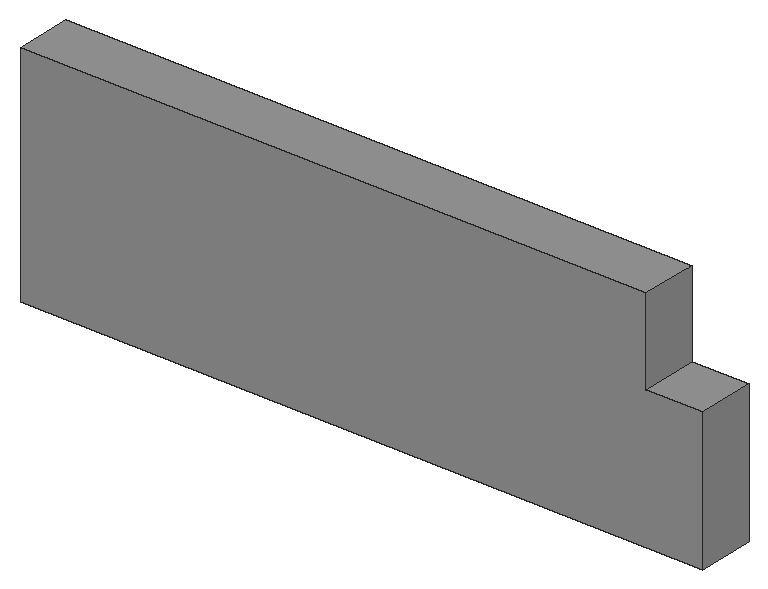
Revit family "1. Sálvora_PDroite_FRA", category Modelos genéricos, Revit 2017
Family settings
  Anfitrión = Muro
  Puede alojar armadura = No
  Cota de conector redondo = Diámetro de uso
  Tipo de pieza = Normal
  Siempre vertical = Sí
  Corte con vacíos al cargar = No
  Compartido = No
  Punto de cálculo de habitación = No
Parameters (values of type "Stonepanel®Sálvora")
  Uniclass 2015 = "Pr_25_71_14_56 Natural stone panels"
  Uniclass 2 = "Pr_25_71_14_56 Natural stone panels"
  Omniclass = "23-15 15 15 11"
  NBS Reference = "45-25-45/380 Natural stone panels"
  Advantages de Stonepanel = "Efficacité:  L’installation des panneaux est simple et facile. Elle n’implique pas l’utilisation de machines spécifiques. La pose est dix fois plus rapide que la pose traditionnelle (20 m2 en moyenne par jour). La longévité de ce produit naturel est supérieure aux autres types de revêtement. Les déchets et les pertes dues aux coupes sont amplement diminués durant le chantier.\r\nSécurité: Le système de fixation breveté et homologué, en acier inoxydable, permet l’installation à plus de 2 mètres de hauteur (Avis Technique, CSTB). La base en ciment, homogène et rugueuse, garantit l’adhésion et permet d’être coupée sans décollement des pierres.\r\nQualité: Le contrôle de la production est effectué de façon continue par le département Innovation de CUPAGROUP. Chaque pierre naturelle est sélectionnée avec une attention particulière par les experts de CUPA STONE. Angles courts, longs, massifs, doubles, pour les fenêtres ou les dessus de mur… De nombreuses pièces spéciales sont proposées en option pour s’adapter parfaitement aux différentes configurations de chantier.\r\nEsthétisme: Le parement en forme de « S » rend les joints invisibles et assure un aspect homogène à la surface installée. Notre gamme de parements en pierre naturelle permet de choisir parmi un large choix de finitions et de coloris. Chaque pierre est unique, ainsi chaque panneau révèle l’élégance et la noblesse de la pierre naturelle."
  Utilisations indiquées = "Revêtements de murs intérieurs ou extérieurs, pour des ouvrages de 12 m de haut au plus.\r\nEn murs intérieurs, les supports admis sont les suivants (ils doivent avoir une épaisseur de 6 cm minimum) :\r\n- les murs en béton,\r\n- les panneaux préfabriqués en béton,\r\n- les enduits à base de ciment sur murs en béton et, murs et parois\r\nen maçonnerie.\r\nEn murs extérieurs, les supports admis sont ceux définis dans le NF DTU 52.2 P1-1-2 (P 61-204-1-1-2) « Cahier des clauses Techniques pour les murs extérieurs »."
  URL = "http://www.cupastone.fr/produit/stonepanel-orient/"
  Résistance au feu = "STONEPANEL ne sont pas de nature à affecter la tenue au feu des ouvrages."
  Durabilité = "La durabilité de l’ouvrage peut être appréciée comme équivalente à celle d’un carrelage collé en façade."
  Type de livraison = "Les panneaux sont emballés en plastique, en paires."
  Résistance = "Résistance élevée"
  Poids = "9,5 kg"
  Oxydation = "Non oxidé"
  Autres données intéressants = "STONEPANEL SKY  est utilisé pour la réalisation de revêtements de murs intérieurs ou extérieurs, pour des ouvrages de 12 m de haut au plus."
  Modelo = "Stonepanel® Sálvora"
  Matérial = "Ardoise marron rougeâtre dont les nuances varient du clair au plus foncé pour doter les intérieurs contemporains d’une ambiance originale."
  Nettoyage = "En général, les panneaux ne nécessitent pas d'entretien et sont autonettoyants, mais la suppression de certains types de marques peuvent nécessiter un traitement spécialisé.\r\nPour les salissures anormales, la surface peut être nettoyée à l'aide d'un mélange eau / détergent chaud, appliqué avec un tampon de nettoyage approprié ou une éponge."
  Long = 600 mm
  Imagen de tipo = <Ninguno>
  Format = "600 x 200"
  Form = "Forme de « S »"
  Fabricante = "Cupastone"
  Tests effectués par Avis Technique = "Avis Technique\r\nRésistance mécanique de l'ancrage\r\nRésistance mécanique de l'attache de sécurité\r\nEssais de durabilité après action de l'eau\r\nEssais de durabilité après action du gel\r\nEssai sismique\r\nEssai vers le feu\r\nRésistance mécanique de l'attache de sécurité\r\nEssais de durabilité après action de l'eau\r\nEssais de durabilité après action du gel\r\nEssai sismique"
  Décalage de hauteur = 0 mm
  Descripción = "Système de panneaux de pierre naturelle prémontés et assemblés\r\nsur une base en ciment renforcée, sur la face arrière, par une armature en fibre de verre. \r\nSon système de fixation unique évite tout risque de décollement. Est un ancrage spécifique pour les installations\r\nà plus de 2 mètres de hauteur."
  Densité apparente = "86,5 kg/m2"
  Couleur secondaire = "Gris rougeâtre"
  Couleur principale = "Marron"
  Certificats = "Avis Technique - France - En cours"
  Apparence = "Rustique"
  Largeur = 50 mm
  Haut = 200 mm
  Finiton = "Naturelle"
  Absorption = "Basse absorption"
  Système d'ancrage = "Bande perforée en acier inoxydable:\r\n- Nature de l’acier : AISI 316 (1.4401) ou AISI 304 (1.4301)\r\n- Epaisseur minimale (mm) : 0,7\r\n- Largeur (mm) : 12 à 15\r\n- Diamètre du trou (mm) : 6 ± 1\r\n\r\nChevilles:\r\nLe choix des chevilles de fixation doit être déterminé compte tenu de l’action en dépression du vent (murs extérieurs) et de la résistance des chevilles dans le support considéré en fonction de de la nature du support. Un exemple de cheville à utiliser est TAPCO TC 6/30 x 60.\r\nLa charge admissible des chevilles est égale à 1/K fois la résistance caractéristique indiquée dans l’Agrément Technique Européen de la cheville ou :\r\n   K = 1,75 par comparaison au vent normal\r\n   K = 3 par comparaison au vent extrême\r\nLes chevilles doivent être adaptées à la nature du support porteur."
  Détails de construction = "Détails de:\r\n- Mise en oeuvre avec un profilé en métal\r\n- Mise en oeuvre de Stonepanel\r\n- Mise en oeuvre de Stonepanel en murs intérieurs\r\n- Mise en oeuvre de l'élément de sécurité\r\n- Angles rentrants\r\n- Angles sortants avec continuité de Stonepanel - éléments d'angles\r\n- Angles sortants avec continuité de Stonepanel - angles préformés\r\n- Angles sortants avec continuité de Stonepanel - sciage d'un panneau\r\n- Angles sortants sans continuité de Stonepanel - cas d'un pignon isolé\r\n- Arêtes supérieures\r\n- Dessus d'acrotère\r\n- Encadrement de baie"
Reference planes
  plane 1 "Muro": y = 0
  plane 2 "Centro (Izquierda/Derecha)": x = 125
  plane 3 "Posterior": y = 75
Forms (mm)
  Extrusion 1, solid, material "Stonepanel® SKY Orient"
    sketch origin (0, 160, 1120) x (1, 0, 0) y (0, 0, 1)
      loop
        line (125, -1120) -> (125, -996) -> (75, -996) -> (75, -920) -> (-475, -920) -> (-475, -1120) -> (125, -1120)
    from 35 to 85
Text (mm)
  text "Cara de colocación" at (-1848.837, 1116.779, 0), in view "Nivel de referencia"
  text "Cara de colocación" at (0, 1409.804, 2854.306), in view "Izquierda"
  text "Cara de colocación" at (0, 499.811, 2980.732), in view "Derecha"
Dimensions and locks
  locked: plane 3 "Posterior" to host wall
  locked: Extrusion 1 to plane 3 "Posterior" at 0
  "Largeur": Extrusion 1 to Extrusion 1
  "Long": Extrusion 1 to Extrusion 1
  locked: Extrusion 1 to Extrusion 1 at 76
  "Décalage de hauteur": level to Extrusion 1
  locked: Extrusion 1 to Extrusion 1 at 50
  "Haut": Extrusion 1 to Extrusion 1
  aligned and locked: plane 1 "Muro" to host wall
Automatic sketch dimensions
  Extrusion 1 sketch curve to level = 0 mm
  Extrusion 1 sketch curve to plane 2 "Centro (Izquierda/Derecha)" = 0 mm
  Extrusion 1 sketch curve to plane 2 "Centro (Izquierda/Derecha)" = 50 mm
  level to Extrusion 1 sketch curve = 200 mm
  Extrusion 1 sketch curve to Extrusion 1 sketch curve = 550 mm
  level to Extrusion 1 sketch curve = 124 mm
